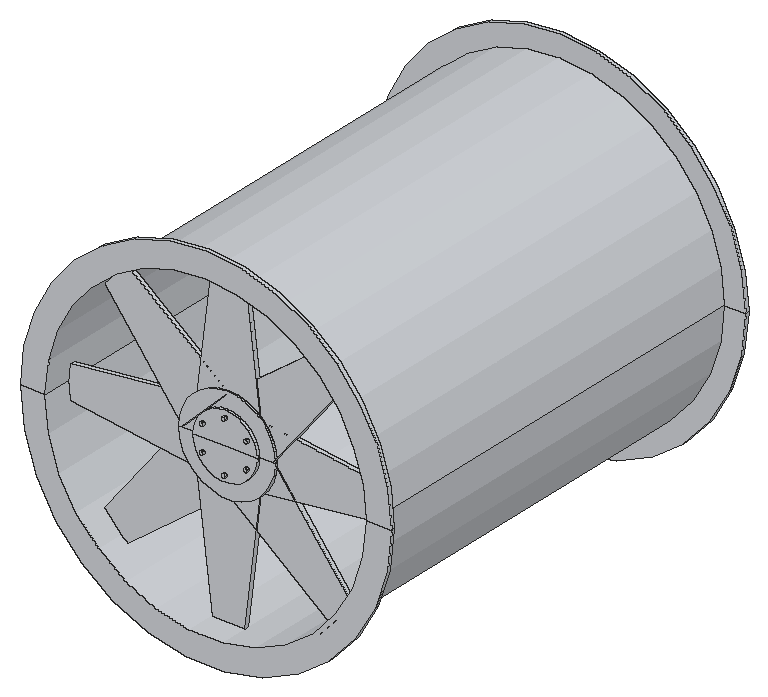
Revit family "CADS_Vent-Axia_MechEquip_Fan_BIFA_450_3Ph2P - SUPPLY", category Mechanical Equipment, Revit 2020
Family settings
  Round Connector Dimension = Use Diameter
  Part Type = Normal
  OmniClass Number = 23.75.00.00
  OmniClass Title = Climate Control (HVAC)
  Work Plane-Based = No
  Always vertical = Yes
  Cut with Voids When Loaded = No
  Shared = No
  Room Calculation Point = No
Parameters (values of type "BIFA453232")
  WorkingPressure = 0.0 Pa
  WarrantyStartDate [instance] = "1900-12-31T23:59:59"
  WarrantyPeriod = ""
  WarrantyIdentifier = "N/A"
  WarrantyGuarantorParts = "tech@vent-axia.com"
  WarrantyGuarantorLabor = "tech@vent-axia.com"
  WarrantyGuarantor = "Vent-Axia Limited"
  WarrantyEndDate [instance] = "1900-12-31T23:59:59"
  WarrantyContent = ""
  TemperatureRange = ""
  TagNumber [instance] = "N/A"
  SustainabilityPerformance = ""
  Status = "New"
  Size = ""
  Shape = ""
  ServiceLifeType = ""
  ServiceLifeDuration = ""
  SerialNumber [instance] = "N/A"
  ReplacementCost = ""
  RatedVoltage = 0 V
  RatedCurrent = 0 A
  Quantity = 1
  ProductionYear = ""
  PressureCurve = ""
  PowerFactor = ""
  PointOfContact = ""
  NumberOfPoles = 0
  NominalWidth = 450 mm
  NominalLength = 625 mm
  NominalHeight = 450 mm
  NominalFrequencyRange = ""
  NominalDiameter = 450 mm
  ModelReference = "BIF 450MM 3PH 2P 32DEG"
  ModelNumber = "BIFA453232"
  Material = ""
  ManufacturerE-Mail = "tech@vent-axia.com"
  ManufacturerAddress = "Fleming Way\nCrawley \nRH10 9YX"
  IsExtendedWarranty = no
  InsulationStandardClass = ""
  InstallationDate [instance] = "1900-12-31T23:59:59"
  IfcExportType [instance] = ""
  IfcExportAs = "IfcFanType"
  IP_Code = ""
  HasProtectiveEarth = no
  GrossWeight = 0.00 kg
  Grade = ""
  GlobalTradeItemNumber [instance] = "N/A"
  Fitting Type = "Ignore"
  Finish = ""
  Features = ""
  ExteriorInsulation = no
  ExpectedServiceLife = 0
  Exclusions = ""
  DurationUnit = "Year"
  Default Elevation = 0 mm
  Constituents = ""
  ConductorFunction = ""
  Color = ""
  CodePerformance = ""
  Category = ""
  CADS_Usage = 0
  CADS_Index = 0
  AssetType = "FIXED"
  AssetIdentifier [instance] = "N/A"
  AssemblyPlace = "UNKNOWN"
  ArticleNumber [instance] = "N/A"
  AirflowRateRange = 0.0 L/s
  Air Flow [instance] = 0.0 L/s
  AccessibilityPerformance = ""
Types (12, lengths in mm): name | ModelReference | ModelNumber
  BIFA453210 | "BIF 450MM 3PH 2P 10DEG" | "BIFA453210"
  BIFA453212 | "BIF 450MM 3PH 2P 12DEG" | "BIFA453212"
  BIFA453214 | "BIF 450MM 3PH 2P 14DEG" | "BIFA453214"
  BIFA453216 | "BIF 450MM 3PH 2P 16DEG" | "BIFA453216"
  BIFA453218 | "BIF 450MM 3PH 2P 18DEG" | "BIFA453218"
  BIFA453220 | "BIF 450MM 3PH 2P 20DEG" | "BIFA453220"
  BIFA453222 | "BIF 450MM 3PH 2P 22DEG" | "BIFA453222"
  BIFA453224 | "BIF 450MM 3PH 2P 24DEG" | "BIFA453224"
  BIFA453226 | "BIF 450MM 3PH 2P 26DEG" | "BIFA453226"
  BIFA453228 | "BIF 450MM 3PH 2P 28DEG" | "BIFA453228"
  BIFA453230 | "BIF 450MM 3PH 2P 30DEG" | "BIFA453230"
  BIFA453232 | "BIF 450MM 3PH 2P 32DEG" | "BIFA453232"
Reference planes
  plane 1 "Center (Front/Back)": y = 0
  plane 2: z = 0
  plane 3 "Center (Left/Right)": x = 0
  plane 4: x = -225
  plane 5: x = 225
  plane 6 "F": y = -312.5
  plane 7 "B": y = 312.5
  plane 8: x = -260
  plane 9: y = 307.5
  plane 10: y = -307.5
  plane 11: x = -230
  plane 12: y = -272.5
Forms (mm)
  Revolve 1, solid
    sketch origin (0, 0, 0) x (1, 0, 0) y (0, 1, 0)
      loop
        line (-260, -312.5) -> (-225, -312.5) -> (-225, 312.5) -> (-260, 312.5) -> (-260, 307.5) -> (-230, 307.5) -> (-230, -307.5) -> (-260, -307.5) -> (-260, -312.5)
      axis (0, 312.5) -> (0, -312.5)
    angle from 0 to 360
Dimensions and locks
  equal spacing: plane 4, plane 3 "Center (Left/Right)", plane 5
  equal spacing: plane 7 "B", plane 1 "Center (Front/Back)", plane 6 "F"
  "NominalLength": plane 7 "B" to plane 6 "F"
  "NominalDiameter": plane 4 to plane 5
  locked: plane 11 to plane 4 at 5
  locked: plane 8 to plane 11 at 30
  locked: plane 6 "F" to plane 10 at 5
  locked: plane 7 "B" to plane 9 at 5
  locked: plane 6 "F" to plane 12 at 40
  aligned and locked: level to plane 2
  aligned and locked: nested 1 to plane 12
Automatic sketch dimensions
  plane 6 "F" to Revolve 1 sketch curve = 0 mm
  Revolve 1 sketch curve to plane 8 = 0 mm  (x2)
  plane 10 to Revolve 1 sketch curve = 0 mm
  Revolve 1 sketch curve to plane 11 = 0 mm
  Revolve 1 sketch curve to plane 4 = 0 mm
  Revolve 1 sketch curve to plane 3 "Center (Left/Right)" = 0 mm
  plane 1 "Center (Front/Back)" to Revolve 1 sketch curve = 0 mm
  Revolve 1 sketch curve to plane 9 = 0 mm
  Revolve 1 sketch curve to plane 7 "B" = 0 mm
  plane 6 "F" to Revolve 1 sketch curve = 115 mm
Nested families
  nested 1: "Fan for BIFA" at (0, -272.5, 0), ND <- "NominalDiameter", type "Fan for BIFA"
    with hub 45 mm, ND 450 mm, BoltPCD 36 mm, Bolt Count 6, B_Diam 5 mm
  nested 2: "Bolts" at (31.177, -281.672, -18) x (-0.5, 0, -0.866) z (0, 1, 0), type "Bolts"
    with bd 5 mm
  nested 3: "Bolts" at (0, -281.672, -36) x (-1, 0, 0) z (0, 1, 0), type "Bolts"
    with bd 5 mm
  nested 4: "Bolts" at (-31.177, -281.672, -18) x (-0.5, 0, 0.866) z (0, 1, 0), type "Bolts"
    with bd 5 mm
  nested 5: "Bolts" at (-31.177, -281.672, 18) x (0.5, 0, 0.866) z (0, 1, 0), type "Bolts"
    with bd 5 mm
  nested 6: "Bolts" at (31.177, -281.672, 18) x (0.5, 0, -0.866) z (0, 1, 0), type "Bolts"
    with bd 5 mm
  nested 7: "Bolts" at (0, -281.672, 36) x (1, 0, 0) z (0, 1, 0), type "Bolts"
    with bd 5 mm
  nested 8: "BIFA Blade" at (0, -272.5, 0), type "BIFA Blade"
    with a 20.00°, HR 45 mm, HD 90 mm, BT 45 mm, BR 180 mm, BH 40 mm, BD 450 mm, BB 90 mm
  nested 9: "BIFA Blade" at (0, -272.5, 0) x (0.7071, 0, -0.7071) z (0.7071, 0, 0.7071), type "BIFA Blade"
    with a 20.00°, HR 45 mm, HD 90 mm, BT 45 mm, BR 180 mm, BH 40 mm, BD 450 mm, BB 90 mm
  nested 10: "BIFA Blade" at (0, -272.5, 0) x (0, 0, -1) z (1, 0, 0), type "BIFA Blade"
    with a 20.00°, HR 45 mm, HD 90 mm, BT 45 mm, BR 180 mm, BH 40 mm, BD 450 mm, BB 90 mm
  nested 11: "BIFA Blade" at (0, -272.5, 0) x (-0.7071, 0, -0.7071) z (0.7071, 0, -0.7071), type "BIFA Blade"
    with a 20.00°, HR 45 mm, HD 90 mm, BT 45 mm, BR 180 mm, BH 40 mm, BD 450 mm, BB 90 mm
  nested 12: "BIFA Blade" at (0, -272.5, 0) x (-1, 0, 0) z (0, 0, -1), type "BIFA Blade"
    with a 20.00°, HR 45 mm, HD 90 mm, BT 45 mm, BR 180 mm, BH 40 mm, BD 450 mm, BB 90 mm
  nested 13: "BIFA Blade" at (0, -272.5, 0) x (-0.7071, 0, -0.7071) z (-0.7071, 0, 0.7071), type "BIFA Blade"
    with a 20.00°, HR 45 mm, HD 90 mm, BT 45 mm, BR 180 mm, BH 40 mm, BD 450 mm, BB 90 mm
  nested 14: "BIFA Blade" at (0, -272.5, 0) x (0, 0, -1) z (-1, 0, 0), type "BIFA Blade"
    with a 20.00°, HR 45 mm, HD 90 mm, BT 45 mm, BR 180 mm, BH 40 mm, BD 450 mm, BB 90 mm
  nested 15: "BIFA Blade" at (0, -272.5, 0) x (0.7071, 0, -0.7071) z (-0.7071, 0, -0.7071), type "BIFA Blade"
    with a 20.00°, HR 45 mm, HD 90 mm, BT 45 mm, BR 180 mm, BH 40 mm, BD 450 mm, BB 90 mm
Connectors
  hvac at (0, -312.5, 0), driven by "NominalDiameter", driven by "Air Flow"
    settings: on Revolve 1, index 1, duct flow 0.0 L/s, flow factor 0, pres drop 0.0 Pa, loss coef 0, conn angle 0.00°, conn width 304.8 mm, conn height 304.8 mm, conn diameter 450 mm, duct sys type 1, conn prof type 0, flow config 1, flow direction 1, loss method 0, conn ref index -1, conn util no, is conn primary yes, conn desc ""
  hvac at (0, 312.5, 0), driven by "NominalDiameter", driven by "Air Flow"
    settings: on Revolve 1, index 2, duct flow 0.0 L/s, flow factor 0, pres drop 0.0 Pa, loss coef 0, conn angle 0.00°, conn width 304.8 mm, conn height 304.8 mm, conn diameter 450 mm, duct sys type 1, conn prof type 0, flow config 0, flow direction 2, loss method 0, conn ref index -1, conn util no, is conn primary no, conn desc ""
Definition of nested family "Fan for BIFA"
  Parameters (values of type "Fan for BIFA")
    hub [instance] = ND / 10  # 50 mm
    ND [instance] = 500 mm
    Model = "."
    Default Elevation = 0 mm
    BoltPCD [instance] = hub - (hub * 0.2)  # 40 mm
    Bolt Count [instance] = if(hub < 50 mm, 6, 8)  # 8
    B_Diam [instance] = if(hub < 50 mm, 5 mm, 10 mm)  # 10 mm
  Reference planes
    plane 1 "Center (Front/Back)": y = 0
    plane 2: z = 0
    plane 3 "Center (Left/Right)": x = 0
    plane 4 "back": y = 20
    plane 5 "bolts": y = -9.172
    plane 6 "B": z = 50
    plane 7: x = -72.587
    plane 8: x = -50
    plane 9 "hubface": y = -6.172
  Forms (mm)
    Revolve 1, solid
      sketch origin (0, 0, 0) x (1, 0, 0) y (0, 1, 0)
        loop
          line (0, 20) -> (-50, 20) -> (-50, 10.504) -> (-72.587, 10.504) -> (-72.587, -2.597) -> (-50, -2.597) -> (-50, -6.172) -> (0, -6.172) -> (0, 20)
        axis (0, 20) -> (0, -6.172)
      angle from 0 to 360
    Extrusion 2, solid, not visible
      sketch origin (0, -6.347, -4) x (-1, 0, 0) y (0, 0, 1)
        loop
          circle (0, 84) r 5
      from 0 to 3
  Lines and regions (mm)
    symbolic lines
      curve 1: circle (0, -9.172, 0) r 40 normal (0, 1, 0)
    model lines, not visible
      curve 2: line (0, -6.347, 85) -> (0, -6.347, 75)
  Dimensions and locks
    "hub": plane 6 "B" to plane 2
    "hub": nested 3 to plane 3 "Center (Left/Right)"
    "hub": nested 4 to plane 3 "Center (Left/Right)"
    "hub": nested 5 to plane 3 "Center (Left/Right)"
    "hub": plane 3 "Center (Left/Right)" to nested 6
    "hub": Revolve 1 sketch curve to Revolve 1 sketch curve
    "hub": plane 3 "Center (Left/Right)" to nested 7
    "hub": plane 3 "Center (Left/Right)" to nested 8
    "hub": plane 3 "Center (Left/Right)" to nested 9
    "hub": plane 8 to plane 3 "Center (Left/Right)"
    plane 7 to plane 8 = 22.587 mm
    diameter of Extrusion 2 sketch curve = 10 mm
    "BoltPCD": radius of curve 1
    "BoltPCD": radius of radial array
    aligned and locked: level to plane 2
    aligned and locked: plane 6 "B" to nested 1
  Automatic sketch dimensions
    Revolve 1 sketch curve to plane 7 = 0 mm
    Revolve 1 sketch curve to plane 8 = 0 mm  (x2)
    Revolve 1 sketch curve to plane 3 "Center (Left/Right)" = 0 mm
    Revolve 1 sketch curve to plane 9 "hubface" = 0 mm
    plane 4 "back" to Revolve 1 sketch curve = 0 mm
    plane 1 "Center (Front/Back)" to Revolve 1 sketch curve = 2.597 mm
    plane 4 "back" to Revolve 1 sketch curve = 9.496 mm
    plane 4 "back" to Revolve 1 sketch curve = 5 mm
    Revolve 1 sketch curve to Revolve 1 sketch curve = 45 mm
    curve 1 to level = 0 mm
    curve 1 to plane 3 "Center (Left/Right)" = 0 mm
  Nested families
    nested 1: "BIFA Blade" at (0, 0, 25), BD <- "ND", HD <- "hub", type "BIFA Blade"
      with a 20.00°, HR 25 mm, HD 50 mm, BT 25 mm, BR 100 mm, BH 40 mm, BD 250 mm, BB 50 mm
    nested 2: "BIFA Blade" at (0, 0, 55), BD <- "ND", HD <- "hub", type "BIFA Blade", not visible
      with a 20.00°, HR 25 mm, HD 50 mm, BT 25 mm, BR 100 mm, BH 40 mm, BD 250 mm, BB 50 mm
    nested 3: "BIFA Blade" at (17.678, 0, 17.678) x (0.7071, 0, -0.7071) z (0.7071, 0, 0.7071), BD <- "ND", HD <- "hub", type "BIFA Blade"
      with a 20.00°, HR 25 mm, HD 50 mm, BT 25 mm, BR 100 mm, BH 40 mm, BD 250 mm, BB 50 mm
    nested 4: "BIFA Blade" at (25, 0, 0) x (0, 0, -1) z (1, 0, 0), BD <- "ND", HD <- "hub", type "BIFA Blade"
      with a 20.00°, HR 25 mm, HD 50 mm, BT 25 mm, BR 100 mm, BH 40 mm, BD 250 mm, BB 50 mm
    nested 5: "BIFA Blade" at (17.678, 0, -17.678) x (-0.7071, 0, -0.7071) z (0.7071, 0, -0.7071), BD <- "ND", HD <- "hub", type "BIFA Blade"
      with a 20.00°, HR 25 mm, HD 50 mm, BT 25 mm, BR 100 mm, BH 40 mm, BD 250 mm, BB 50 mm
    nested 6: "BIFA Blade" at (0, 0, -25) x (-1, 0, 0) z (0, 0, -1), BD <- "ND", HD <- "hub", type "BIFA Blade"
      with a 20.00°, HR 25 mm, HD 50 mm, BT 25 mm, BR 100 mm, BH 40 mm, BD 250 mm, BB 50 mm
    nested 7: "BIFA Blade" at (-17.678, 0, 17.678) x (-0.7071, 0, -0.7071) z (-0.7071, 0, 0.7071), BD <- "ND", HD <- "hub", type "BIFA Blade"
      with a 20.00°, HR 25 mm, HD 50 mm, BT 25 mm, BR 100 mm, BH 40 mm, BD 250 mm, BB 50 mm
    nested 8: "BIFA Blade" at (-25, 0, 0) x (0, 0, -1) z (-1, 0, 0), BD <- "ND", HD <- "hub", type "BIFA Blade"
      with a 20.00°, HR 25 mm, HD 50 mm, BT 25 mm, BR 100 mm, BH 40 mm, BD 250 mm, BB 50 mm
    nested 9: "BIFA Blade" at (-17.678, 0, -17.678) x (0.7071, 0, -0.7071) z (-0.7071, 0, -0.7071), BD <- "ND", HD <- "hub", type "BIFA Blade"
      with a 20.00°, HR 25 mm, HD 50 mm, BT 25 mm, BR 100 mm, BH 40 mm, BD 250 mm, BB 50 mm
    nested 10: "Bolts" at (0, -9.172, 40) x (1, 0, 0) z (0, 1, 0), bd <- "B_Diam", type "Bolts"
      with bd 10 mm
    nested 11: "Bolts" at (28.284, -9.172, 28.284) x (0.7071, 0, -0.7071) z (0, 1, 0), bd <- "B_Diam", type "Bolts"
      with bd 10 mm
    nested 12: "Bolts" at (-28.284, -9.172, 28.284) x (0.7071, 0, 0.7071) z (0, 1, 0), bd <- "B_Diam", type "Bolts"
      with bd 10 mm
    nested 13: "Bolts" at (-40, -9.172, 0) x (0, 0, 1) z (0, 1, 0), bd <- "B_Diam", type "Bolts"
      with bd 10 mm
    nested 14: "Bolts" at (-28.284, -9.172, -28.284) x (-0.7071, 0, 0.7071) z (0, 1, 0), bd <- "B_Diam", type "Bolts"
      with bd 10 mm
    nested 15: "Bolts" at (0, -9.172, -40) x (-1, 0, 0) z (0, 1, 0), bd <- "B_Diam", type "Bolts"
      with bd 10 mm
    nested 16: "Bolts" at (28.284, -9.172, -28.284) x (-0.7071, 0, -0.7071) z (0, 1, 0), bd <- "B_Diam", type "Bolts"
      with bd 10 mm
    nested 17: "Bolts" at (40, -9.172, 0) x (0, 0, -1) z (0, 1, 0), bd <- "B_Diam", type "Bolts"
      with bd 10 mm
  Definition of nested family "BIFA Blade"
    Parameters (values of type "BIFA Blade")
      a [instance] = 20.00°
      HR [instance] = HD / 2  # 30 mm
      HD [instance] = BD / 5  # 60 mm
      Default Elevation = 1219.2 mm
      BT [instance] = BD / 10  # 30 mm
      BR [instance] = (BD / 2) - HR  # 120 mm
      BH [instance] = 40 mm
      BD [instance] = 300 mm
      BB [instance] = BD / 5  # 60 mm
    Reference planes
      plane 1 "Center (Front/Back)": y = 0
      plane 2: z = 0
      plane 3 "Center (Left/Right)": x = 0
      plane 4 "Blade Bot": z = 30
      plane 5: x = -30
      plane 6: x = 30
      plane 7: x = -15
      plane 8: x = 15
    Forms (mm)
      Blend 1, solid
        base sketch origin (0, 0, 30) x (-1, 0, 0) y (0, -1, 0)
          loop
            line (30, 0) -> (-30, 0) -> (-30, -6) -> (30, -6) -> (30, 0)
        top sketch origin (0, 0, 30) x (-1, 0, 0) y (0, -1, 0)
          loop
            line (15, -6) -> (15, 0) -> (-15, 0) -> (-15, -6) -> (15, -6)
        from 0 to 120 <- "BR"
    Dimensions and locks
      "HR": plane 4 "Blade Bot" to level
      equal spacing: plane 8, plane 3 "Center (Left/Right)", plane 7
      "BT": plane 8 to plane 7
      equal spacing: plane 6, plane 3 "Center (Left/Right)", plane 5
      "BB": plane 6 to plane 5
      aligned and locked: level to plane 2
    Automatic sketch dimensions
      plane 1 "Center (Front/Back)" to Blend 1 sketch curve = 0 mm  (x2)
      Blend 1 sketch curve to plane 6 = 0 mm
      Blend 1 sketch curve to plane 5 = 0 mm
      Blend 1 sketch curve to plane 1 "Center (Front/Back)" = 6 mm  (x2)
      Blend 1 sketch curve to plane 8 = 0 mm
      Blend 1 sketch curve to plane 7 = 0 mm
  Definition of nested family "Bolts"
    Parameters
      bd [instance] = 10 mm
      Default Elevation = 1219.2 mm
    Reference planes
      plane 1 "Center (Front/Back)": y = 0
      plane 2: z = 0
      plane 3 "Center (Left/Right)": x = 0
    Forms (mm)
      Extrusion 1, solid
        sketch origin (0, 0, 0) x (1, 0, 0) y (0, 1, 0)
          loop
            line (-1219.2, 1219.2) -> (-1219.2, -1219.2) -> (1219.2, -1219.2) -> (1219.2, 1219.2) -> (-1219.2, 1219.2)
        from 0 to -304.8
      Extrusion 2, solid
        sketch origin (0, 0, 0) x (1, 0, 0) y (0, 1, 0)
          loop
            circle (0, 0) r 5
        from 0 to 3
    Dimensions and locks
      "bd": diameter of Extrusion 2 sketch curve
      aligned and locked: plane 2 to Extrusion 1
      aligned and locked: level to Extrusion 1
    Automatic sketch dimensions
      Extrusion 1 sketch curve to Extrusion 1 sketch curve = 2438.4 mm  (x2)
      plane 1 "Center (Front/Back)" to Extrusion 2 sketch curve = 0 mm
      Extrusion 2 sketch curve to plane 3 "Center (Left/Right)" = 0 mm
Definition of nested family "Bolts"
  Parameters
    bd [instance] = 10 mm
    Default Elevation = 1219.2 mm
  Reference planes
    plane 1 "Center (Front/Back)": y = 0
    plane 2: z = 0
    plane 3 "Center (Left/Right)": x = 0
  Forms (mm)
    Extrusion 1, solid
      sketch origin (0, 0, 0) x (1, 0, 0) y (0, 1, 0)
        loop
          line (-1219.2, 1219.2) -> (-1219.2, -1219.2) -> (1219.2, -1219.2) -> (1219.2, 1219.2) -> (-1219.2, 1219.2)
      from 0 to -304.8
    Extrusion 2, solid
      sketch origin (0, 0, 0) x (1, 0, 0) y (0, 1, 0)
        loop
          circle (0, 0) r 5
      from 0 to 3
  Dimensions and locks
    "bd": diameter of Extrusion 2 sketch curve
    aligned and locked: plane 2 to Extrusion 1
    aligned and locked: level to Extrusion 1
  Automatic sketch dimensions
    Extrusion 1 sketch curve to Extrusion 1 sketch curve = 2438.4 mm  (x2)
    plane 1 "Center (Front/Back)" to Extrusion 2 sketch curve = 0 mm
    Extrusion 2 sketch curve to plane 3 "Center (Left/Right)" = 0 mm
Definition of nested family "BIFA Blade"
  Parameters (values of type "BIFA Blade")
    a [instance] = 20.00°
    HR [instance] = HD / 2  # 30 mm
    HD [instance] = BD / 5  # 60 mm
    Default Elevation = 1219.2 mm
    BT [instance] = BD / 10  # 30 mm
    BR [instance] = (BD / 2) - HR  # 120 mm
    BH [instance] = 40 mm
    BD [instance] = 300 mm
    BB [instance] = BD / 5  # 60 mm
  Reference planes
    plane 1 "Center (Front/Back)": y = 0
    plane 2: z = 0
    plane 3 "Center (Left/Right)": x = 0
    plane 4 "Blade Bot": z = 30
    plane 5: x = -30
    plane 6: x = 30
    plane 7: x = -15
    plane 8: x = 15
  Forms (mm)
    Blend 1, solid
      base sketch origin (0, 0, 30) x (-1, 0, 0) y (0, -1, 0)
        loop
          line (30, 0) -> (-30, 0) -> (-30, -6) -> (30, -6) -> (30, 0)
      top sketch origin (0, 0, 30) x (-1, 0, 0) y (0, -1, 0)
        loop
          line (15, -6) -> (15, 0) -> (-15, 0) -> (-15, -6) -> (15, -6)
      from 0 to 120 <- "BR"
  Dimensions and locks
    "HR": plane 4 "Blade Bot" to level
    equal spacing: plane 8, plane 3 "Center (Left/Right)", plane 7
    "BT": plane 8 to plane 7
    equal spacing: plane 6, plane 3 "Center (Left/Right)", plane 5
    "BB": plane 6 to plane 5
    aligned and locked: level to plane 2
  Automatic sketch dimensions
    plane 1 "Center (Front/Back)" to Blend 1 sketch curve = 0 mm  (x2)
    Blend 1 sketch curve to plane 6 = 0 mm
    Blend 1 sketch curve to plane 5 = 0 mm
    Blend 1 sketch curve to plane 1 "Center (Front/Back)" = 6 mm  (x2)
    Blend 1 sketch curve to plane 8 = 0 mm
    Blend 1 sketch curve to plane 7 = 0 mm
